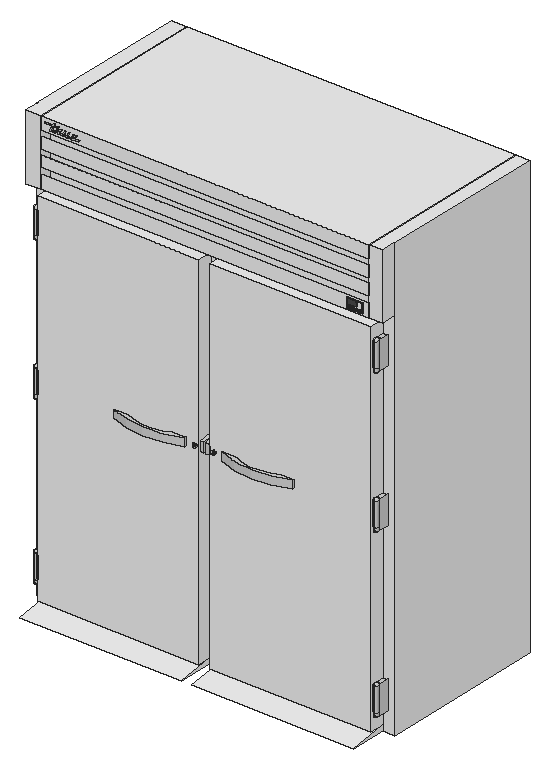
Revit family
Parameters
  Weight in Pounds = 0
  Watts = Volts * FL Amps  # 1357 W
  Volts = 115 V
  URL Cutsheet = "www.truemfg.com"
  URL = "www.truemfg.com"
  Type Mark [instance] = ""
  Type Comments = ""
  Status [instance] = ""
  Specification by User [instance] = ""
  Specification by Manufacturer = ""
  Show Logo [instance] = yes
  Show Clearance [instance] = yes
  Serial Number = ""
  Seismic Rating = ""
  SMACNA No = ""
  Revision Code [instance] = ""
  Phase = 1
  Omniclass Number and Title = ""
  Number of Poles [instance] = 1
  NAFEM Spec ID Number = ""
  Model = "STG2RRI-2S"
  Min Ckt Ampacity = 0 A
  Max Overcurrent Protection = 0 A
  Masterspec = ""
  Manufacturer = "TRUE FOOD SERVICE EQUIPMENT, INC."
  Length = 68"
  Item Number [instance] = ""
  Installed By [instance] = ""
  Identify Quantity as Lot [instance] = yes
  Height = 83 3/4"
  HP = "1/2"
  Furnished By [instance] = ""
  Foodservice Equipment Identifier [instance] = yes
  FL Amps = 11.8 A
  Electrical Remarks [instance] = ""
  Electric Connection Type [instance] = ""
  Elec Conn RI Height [instance] = 0"
  Elec Conn Connection Height [instance] = 0"
  Description = "Roll-in Solid Swing Door Refrigerator"
  Depth = 34 3/4"
  Cycle = 60 Hz
  Conn Plug = "5-15P"
  Conn Conduit = yes
  CSI MasterFormat = ""
  CSI Master Format = ""
  Apparent Power = if(Phase = 3, Volts * FL Amps * 1.73, Volts * FL Amps)  # 1357 VA
Reference planes (in)
  plane 1 "BACK": y = 0
  plane 2: z = 0
  plane 3 "LEFT": x = 0
  plane 4 "RIGHT": x = 68
  plane 5 "FRONT": y = -34.75
  plane 6 "TOP": z = 83.75
  plane 7: x = 2.84375
  plane 8: y = -34.7042
  plane 9: x = 34
  plane 10: z = 69.90625
Forms (in)
  Extrusion 1, solid, material "QF_Finishes_Chrome - Satin"
    sketch origin (0.05, 0, 0) x (1, 0, 0) y (0, 1, 0)
      loop
        line (-0.05, 0) -> (-0.05, -32) -> (2.87859, -32) -> (2.87859, 0) -> (-0.05, 0)
    from 0 to 83.75
  Extrusion 2, solid, material "QF_Finishes_Chrome - Satin"
    sketch origin (50.15, 0, 0) x (1, 0, 0) y (0, 1, 0)
      loop
        line (15.15, 0) -> (15.15, -32) -> (17.85, -32) -> (17.85, 0) -> (15.15, 0)
    from 0 to 83.75
  Extrusion 3, solid, material "QF_Finishes_Chrome - Satin"
    sketch origin (0, 0, 0) x (0, 1, 0) y (0, 0, 1)
      loop
        line (-34.7042, 71.28125) -> (-32, 71.28125) -> (-32, 0) -> (0, 0) -> (0, 83.75) -> (-34.7042, 83.75) -> (-34.7042, 81.40578) -> (-32.5, 79.83852) -> (-32.5, 78.71625) -> (-34.7042, 80.28351) -> (-34.7042, 78.1498) -> (-32.5, 76.58254) -> (-32.5, 75.62178) -> (-34.7042, 77.18904) -> (-34.7042, 75.09284) -> (-32.5, 73.52557) -> (-32.5, 72.25) -> (-34.7042, 73.81726) -> (-34.7042, 71.28125)
    from 2.92859 to 65.3
  Extrusion 4, solid, material "QF_Finishes_Chrome - Satin"
    sketch origin (0, 0, 0) x (1, 0, 0) y (0, 1, 0)
      loop
        line (67.84782, -32) -> (65.3, -32) -> (65.3, -34.75) -> (67.84782, -34.75) -> (67.84782, -32)
    from 71.28125 to 83.75
  Extrusion 5, solid, material "QF_Finishes_Chrome - Satin"
    sketch origin (-50.125, 0, 0.25) x (1, 0, 0) y (0, 1, 0)
      loop
        line (53.05359, -32) -> (50.24109, -32) -> (50.24109, -34.75) -> (53.05359, -34.75) -> (53.05359, -32)
    from 71.03125 to 83.5
  Extrusion 6, solid, material "QF_Finishes_Chrome - Satin"
    sketch origin (8.03125, -1, -0.71875) x (1, 0, 0) y (0, 0, 1)
      loop
        line (26.96875, 1.71875) -> (57.65625, 1.71875) -> (57.65625, 70.625) -> (26.96875, 70.625) -> (26.96875, 1.71875)
    from 31 to 33.75
  Extrusion 7, solid, material "QF_Finishes_Handrails and Railings"
    sketch origin (91.34375, -0.25, 26.43519) x (1, 0, 0) y (0, 1, 0)
      loop
        line (-53.875, -34.5) -> (-53.875, -34.7)
        arc (-53.875, -34.7) -> (-47.075, -36.14405) -> (-40.275, -34.7) r 16.7325
        line (-40.275, -34.7) -> (-40.275, -34.5) -> (-42.675, -34.5)
        arc (-42.675, -34.5) -> (-47.075, -35.65816) -> (-51.475, -34.5) r 8.93715
        line (-51.475, -34.5) -> (-53.875, -34.5)
    from 10.87731 to 12.37731
  Extrusion 8, solid, material "QF_Finishes_Handrails and Railings"
    sketch origin (9.34375, -1.08467, -2) x (1, 0, 0) y (0, 0, 1)
      loop
        circle (26.4375, 40.0625) r 0.35
      loop
        line (26.47265, 40.33635) -> (26.41715, 40.33635) -> (26.41715, 39.76895) -> (26.47265, 39.76895) -> (26.47265, 40.33635)
    from 33.5 to 33.83066
  Extrusion 9, solid, material "QF_Finishes_Handrails and Railings", visible <- "Show Logo"
    sketch origin (0.33478, 0.06376, 5.00294) x (1, 0, 0) y (0, 0, 1)
      loop
        line (3.46044, 78.08731) -> (3.35478, 77.86073) -> (4.76027, 77.86073)
        arc (4.76027, 77.86073) -> (4.78879, 77.81028) -> (4.76027, 77.75984) r 0.05887
        line (4.76027, 77.75984) -> (4.39369, 76.97372)
        arc (4.39369, 76.97372) -> (4.39051, 76.90091) -> (4.43975, 76.84717) r 0.09523
        line (4.43975, 76.84717) -> (5.33844, 76.84717)
        arc (5.33844, 76.84717) -> (5.45192, 76.88295) -> (5.52436, 76.97735) r 0.19785
        line (5.52436, 76.97735) -> (5.81285, 77.59601) -> (6.0779, 77.59601)
        arc (6.0779, 77.59601) -> (6.14744, 77.57043) -> (6.13737, 77.49703) r 0.05911
        line (6.13737, 77.49703) -> (5.89598, 76.97937)
        arc (5.89598, 76.97937) -> (5.89974, 76.8934) -> (5.97231, 76.84717) r 0.09318
        line (5.97231, 76.84717) -> (6.76198, 76.84717)
        arc (6.76198, 76.84717) -> (6.82249, 76.86919) -> (6.85468, 76.92495) r 0.09412
        arc (6.85468, 76.92495) -> (6.87746, 76.86995) -> (6.93246, 76.84717) r 0.07778
        line (6.93246, 76.84717) -> (7.43246, 76.84717)
        arc (7.43246, 76.84717) -> (7.49022, 76.86265) -> (7.53251, 76.90493) r 0.11552
        arc (7.53251, 76.90493) -> (7.55275, 76.85606) -> (7.60162, 76.83581) r 0.06912
        line (7.60162, 76.83581) -> (8.31225, 76.83581)
        arc (8.31225, 76.83581) -> (8.37034, 76.85988) -> (8.39441, 76.91797) r 0.08216
        arc (8.39441, 76.91797) -> (8.44767, 76.86472) -> (8.52042, 76.84522) r 0.14551
        line (8.52042, 76.84522) -> (9.85158, 76.84522) -> (9.99946, 77.10134) -> (8.65678, 77.10134)
        arc (8.65678, 77.10134) -> (8.61972, 77.12704) -> (8.61834, 77.17211) r 0.05009
        line (8.61834, 77.17211) -> (8.64157, 77.22192)
        arc (8.64157, 77.22192) -> (8.67723, 77.26864) -> (8.73327, 77.28635) r 0.09747
        line (8.73327, 77.28635) -> (9.16485, 77.28635)
        arc (9.16485, 77.28635) -> (9.258, 77.31131) -> (9.32619, 77.3795) r 0.1863
        line (9.32619, 77.3795) -> (9.45119, 77.59601)
        arc (9.45119, 77.59601) -> (9.45119, 77.71157) -> (9.35111, 77.76934) r 0.11556
        line (9.35111, 77.76934) -> (8.89562, 77.76934)
        arc (8.89562, 77.76934) -> (8.7795, 77.74962) -> (8.69849, 77.66412) r 0.18605
        line (8.69849, 77.66412) -> (8.48204, 77.19993)
        arc (8.48204, 77.19993) -> (8.41815, 77.11667) -> (8.31806, 77.08511) r 0.1745
        line (8.31806, 77.08511) -> (7.84559, 77.08511)
        arc (7.84559, 77.08511) -> (7.78903, 77.14684) -> (7.79268, 77.23048) r 0.10939
        line (7.79268, 77.23048) -> (8.04395, 77.76934) -> (7.88403, 77.76934) -> (7.61781, 77.19844)
        arc (7.61781, 77.19844) -> (7.56609, 77.13103) -> (7.48505, 77.10548) r 0.14128
        line (7.48505, 77.10548) -> (7.15925, 77.10548)
        arc (7.15925, 77.10548) -> (7.10419, 77.17723) -> (7.116, 77.26689) r 0.11816
        line (7.116, 77.26689) -> (7.3503, 77.76934) -> (7.18514, 77.76934) -> (6.91546, 77.191)
        arc (6.91546, 77.191) -> (6.85285, 77.12839) -> (6.76733, 77.10548) r 0.17104
        line (6.76733, 77.10548) -> (6.29555, 77.10548)
        arc (6.29555, 77.10548) -> (6.21082, 77.14499) -> (6.20267, 77.23813) r 0.0935
        line (6.20267, 77.23813) -> (6.35774, 77.57069) -> (6.57695, 77.57069)
        arc (6.57695, 77.57069) -> (6.61395, 77.68217) -> (6.69267, 77.76934) r 0.2857
        line (6.69267, 77.76934) -> (5.83605, 77.76934)
        arc (5.83605, 77.76934) -> (5.74086, 77.74824) -> (5.67498, 77.67635) r 0.16212
        line (5.67498, 77.67635) -> (5.44279, 77.17841)
        arc (5.44279, 77.17841) -> (5.3894, 77.12502) -> (5.31647, 77.10548) r 0.14586
        line (5.31647, 77.10548) -> (4.80506, 77.10548)
        arc (4.80506, 77.10548) -> (4.76514, 77.15942) -> (4.77274, 77.22609) r 0.09155
        line (4.77274, 77.22609) -> (5.11018, 77.86073) -> (5.96155, 77.86073) -> (6.06721, 78.08731) -> (5.21584, 78.08731) -> (5.32149, 78.31388) -> (5.01862, 78.31388) -> (4.91297, 78.08731) -> (3.46044, 78.08731)
      loop
        arc (8.83805, 77.56363) -> (8.80119, 77.55375) -> (8.7742, 77.52676) r 0.07373
        line (8.7742, 77.52676) -> (8.75229, 77.45936)
        arc (8.75229, 77.45936) -> (8.76245, 77.43483) -> (8.78699, 77.42466) r 0.0347
        line (8.78699, 77.42466) -> (9.15948, 77.42466)
        arc (9.15948, 77.42466) -> (9.18632, 77.43061) -> (9.20812, 77.44734) r 0.0635
        line (9.20812, 77.44734) -> (9.22624, 77.53122)
        arc (9.22624, 77.53122) -> (9.22091, 77.55368) -> (9.20009, 77.56363) r 0.02676
        line (9.20009, 77.56363) -> (8.83805, 77.56363)
    from 34.76797 to 34.83173
  Extrusion 10, solid, material "QF_Finishes_White"
    sketch origin (-22.74812, 0.0458, -7.95638) x (1, 0, 0) y (0, 0, 1)
      loop
        line (83.81732, 81.35727) -> (83.81732, 79.60996) -> (86.72357, 79.60996) -> (86.72357, 81.35727) -> (83.81732, 81.35727)
    from 34.75 to 34.76797
  Extrusion 11, solid, material "QF_Finishes_Black"
    sketch origin (-22.74812, 0.0458, -7.95638) x (1, 0, 0) y (0, 0, 1)
      loop
        line (86.78607, 81.41977) -> (83.75482, 81.41977) -> (83.75482, 79.54746) -> (86.78607, 79.54746) -> (86.78607, 81.41977)
      loop
        spline (83.95482, 79.87872) -> (83.96333, 79.86254) -> (83.98831, 79.84747) -> (84.02804, 79.83452) -> (84.07982, 79.82459) -> (84.14011, 79.81835) -> (84.20482, 79.81622) -> (84.26952, 79.81835) -> (84.32982, 79.82459) -> (84.38159, 79.83452) -> (84.42132, 79.84747) -> (84.4463, 79.86254) -> (84.45482, 79.87872)
        spline (84.45482, 79.87872) -> (84.4463, 79.89489) -> (84.42132, 79.90997) -> (84.38159, 79.92291) -> (84.32982, 79.93284) -> (84.26952, 79.93909) -> (84.20482, 79.94122) -> (84.14011, 79.93909) -> (84.07982, 79.93284) -> (84.02804, 79.92291) -> (83.98831, 79.90997) -> (83.96333, 79.89489) -> (83.95482, 79.87872)
      loop
        spline (84.65083, 79.87872) -> (84.65935, 79.86254) -> (84.68432, 79.84747) -> (84.72405, 79.83452) -> (84.77583, 79.82459) -> (84.83612, 79.81835) -> (84.90083, 79.81622) -> (84.96553, 79.81835) -> (85.02583, 79.82459) -> (85.07761, 79.83452) -> (85.11734, 79.84747) -> (85.14231, 79.86254) -> (85.15083, 79.87872)
        spline (85.15083, 79.87872) -> (85.14231, 79.89489) -> (85.11734, 79.90997) -> (85.07761, 79.92291) -> (85.02583, 79.93284) -> (84.96553, 79.93909) -> (84.90083, 79.94122) -> (84.83612, 79.93909) -> (84.77583, 79.93284) -> (84.72405, 79.92291) -> (84.68432, 79.90997) -> (84.65935, 79.89489) -> (84.65083, 79.87872)
      loop
        spline (85.40083, 79.87872) -> (85.40935, 79.86254) -> (85.43432, 79.84747) -> (85.47405, 79.83452) -> (85.52583, 79.82459) -> (85.58612, 79.81835) -> (85.65083, 79.81622) -> (85.71553, 79.81835) -> (85.77583, 79.82459) -> (85.82761, 79.83452) -> (85.86734, 79.84747) -> (85.89231, 79.86254) -> (85.90083, 79.87872)
        spline (85.90083, 79.87872) -> (85.89231, 79.89489) -> (85.86734, 79.90997) -> (85.82761, 79.92291) -> (85.77583, 79.93284) -> (85.71553, 79.93909) -> (85.65083, 79.94122) -> (85.58612, 79.93909) -> (85.52583, 79.93284) -> (85.47405, 79.92291) -> (85.43432, 79.90997) -> (85.40935, 79.89489) -> (85.40083, 79.87872)
      loop
        line (83.95481, 81.21978) -> (83.95481, 80.21978) -> (85.65433, 80.21978) -> (85.65433, 81.21978) -> (83.95481, 81.21978)
      loop
        line (86.72357, 81.35727) -> (83.81732, 81.35727) -> (83.81732, 79.60996) -> (86.72357, 79.60996) -> (86.72357, 81.35727)
      loop
        spline (86.15083, 79.87872) -> (86.15935, 79.86254) -> (86.18432, 79.84747) -> (86.22405, 79.83452) -> (86.27583, 79.82459) -> (86.33612, 79.81835) -> (86.40083, 79.81622) -> (86.46553, 79.81835) -> (86.52583, 79.82459) -> (86.57761, 79.83452) -> (86.61734, 79.84747) -> (86.64231, 79.86254) -> (86.65083, 79.87872)
        spline (86.65083, 79.87872) -> (86.64231, 79.89489) -> (86.61734, 79.90997) -> (86.57761, 79.92291) -> (86.52583, 79.93284) -> (86.46553, 79.93909) -> (86.40083, 79.94122) -> (86.33612, 79.93909) -> (86.27583, 79.93284) -> (86.22405, 79.92291) -> (86.18432, 79.90997) -> (86.15935, 79.89489) -> (86.15083, 79.87872)
    from 34.76797 to 34.80335
  Extrusion 12, solid
    sketch origin (-25.125, 0, 0) x (1, 0, 0) y (0, 0, 1)
      loop
        circle (89.875, 81.625) r 0.25
    from 0 to 0.0625
  Blend 13, solid, material "QF_Finishes_Handrails and Railings"
    base sketch origin (60.25, -1, 0) x (-1, 0, 0) y (0, 0, -1)
      loop
        line (25.25, -38.99169) -> (26, -38.99169) -> (26, -37.24169) -> (25.25, -37.24169) -> (25.25, -38.99169)
    top sketch origin (60.25, 0, 0) x (-1, 0, 0) y (0, 0, -1)
      loop
        line (26.18223, -36.6441) -> (25.25, -36.6441) -> (25.25, -39.42643) -> (26.18223, -39.42643) -> (26.18223, -36.6441)
    from 33.57883 to 32
  Extrusion 14, solid, material "QF_Finishes_Handrails and Railings"
    sketch origin (66.78125, 0, 3.5) x (0, 1, 0) y (0, 0, -1)
      loop
        line (-32, -64.17729) -> (-32, -58.86127) -> (-34.25, -58.86127) -> (-34.25, -59.57348) -> (-33.81497, -59.57348) -> (-33.81497, -63.97276)
        arc (-33.81497, -63.97276) -> (-33.75506, -64.11738) -> (-33.61044, -64.17729) r 0.20453
        line (-33.61044, -64.17729) -> (-32, -64.17729)
    from 0.17506 to 1
  Revolve 15, solid, material "QF_Finishes_Handrails and Railings"
    sketch origin (66.28125, 0, 3.5) x (0, 1, 0) y (0, 0, -1)
      loop
        line (-34.26563, -59.62689) -> (-34.67229, -59.62689) -> (-34.67229, -64.0986)
        arc (-34.67229, -64.0986) -> (-34.53722, -64.35057) -> (-34.26563, -64.43983) r 0.3848
        line (-34.26563, -64.43983) -> (-34.26563, -59.62689)
      loop
        line (-34.26563, -59.57348) -> (-34.26563, -58.67281)
        arc (-34.26563, -58.67281) -> (-34.53264, -58.75883) -> (-34.67229, -59.00212) r 0.38884
        line (-34.67229, -59.00212) -> (-34.67229, -59.57348) -> (-34.26563, -59.57348)
      axis (-34.26563, -58.67281) -> (-34.26563, -64.43983)
    angle from 0 to 360
  Extrusion 16, solid, material "QF_Finishes_Handrails and Railings"
    sketch origin (27.5, -1.07734, 3.5011) x (-1, 0, 0) y (0, 0, -1)
      loop
        line (-38.58509, -64.0986) -> (-38.1875, -64.0986) -> (-38.1875, -59.62579) -> (-38.58509, -59.62579) -> (-38.58509, -64.0986)
    from 32.81497 to 33.59495
  Extrusion 17, solid, material "QF_Finishes_Handrails and Railings"
    sketch origin (66.78125, 0, -24) x (0, 1, 0) y (0, 0, -1)
      loop
        line (-32, -64.55229) -> (-32, -59.23627) -> (-34.25, -59.23627) -> (-34.25, -59.94848) -> (-33.81497, -59.94848) -> (-33.81497, -64.34776)
        arc (-33.81497, -64.34776) -> (-33.75506, -64.49238) -> (-33.61044, -64.55229) r 0.20453
        line (-33.61044, -64.55229) -> (-32, -64.55229)
    from 0.17506 to 1
  Revolve 18, solid, material "QF_Finishes_Handrails and Railings"
    sketch origin (66.28125, 0, -24) x (0, 1, 0) y (0, 0, -1)
      loop
        line (-34.26563, -60.00189) -> (-34.67229, -60.00189) -> (-34.67229, -64.4736)
        arc (-34.67229, -64.4736) -> (-34.53722, -64.72557) -> (-34.26563, -64.81483) r 0.3848
        line (-34.26563, -64.81483) -> (-34.26563, -60.00189)
      loop
        line (-34.26563, -59.94848) -> (-34.26563, -59.04781)
        arc (-34.26563, -59.04781) -> (-34.53264, -59.13383) -> (-34.67229, -59.37712) r 0.38884
        line (-34.67229, -59.37712) -> (-34.67229, -59.94848) -> (-34.26563, -59.94848)
      axis (-34.26563, -59.04781) -> (-34.26563, -64.81483)
    angle from 0 to 360
  Extrusion 19, solid, material "QF_Finishes_Handrails and Railings"
    sketch origin (27.5, -1.07734, -23.9989) x (-1, 0, 0) y (0, 0, -1)
      loop
        line (-38.58509, -64.4736) -> (-38.1875, -64.4736) -> (-38.1875, -60.00079) -> (-38.58509, -60.00079) -> (-38.58509, -64.4736)
    from 32.81497 to 33.59495
  Extrusion 20, solid, material "QF_Finishes_Handrails and Railings"
    sketch origin (66.78125, 0, -55.5) x (0, 1, 0) y (0, 0, -1)
      loop
        line (-32, -64.55229) -> (-32, -59.23627) -> (-34.25, -59.23627) -> (-34.25, -59.94848) -> (-33.81497, -59.94848) -> (-33.81497, -64.34776)
        arc (-33.81497, -64.34776) -> (-33.75506, -64.49238) -> (-33.61044, -64.55229) r 0.20453
        line (-33.61044, -64.55229) -> (-32, -64.55229)
    from 0.17506 to 1
  Revolve 21, solid, material "QF_Finishes_Handrails and Railings"
    sketch origin (66.28125, 0, -55.5) x (0, 1, 0) y (0, 0, -1)
      loop
        line (-34.26563, -60.00189) -> (-34.67229, -60.00189) -> (-34.67229, -64.4736)
        arc (-34.67229, -64.4736) -> (-34.53722, -64.72557) -> (-34.26563, -64.81483) r 0.3848
        line (-34.26563, -64.81483) -> (-34.26563, -60.00189)
      loop
        line (-34.26563, -59.94848) -> (-34.26563, -59.04781)
        arc (-34.26563, -59.04781) -> (-34.53264, -59.13383) -> (-34.67229, -59.37712) r 0.38884
        line (-34.67229, -59.37712) -> (-34.67229, -59.94848) -> (-34.26563, -59.94848)
      axis (-34.26563, -59.04781) -> (-34.26563, -64.81483)
    angle from 0 to 360
  Extrusion 22, solid, material "QF_Finishes_Handrails and Railings"
    sketch origin (27.5, -1.07734, -55.4989) x (-1, 0, 0) y (0, 0, -1)
      loop
        line (-38.58509, -64.4736) -> (-38.1875, -64.4736) -> (-38.1875, -60.00079) -> (-38.58509, -60.00079) -> (-38.58509, -64.4736)
    from 32.81497 to 33.59495
  Extrusion 23, solid, material "QF_Finishes_Chrome - Satin"
    sketch origin (65.6875, -1, 8.03125) x (0, 0, 1) y (0, -1, 0)
      loop
        line (-8.03125, 37.875) -> (-8.03125, 31) -> (-7.03125, 31) -> (-8.03125, 37.875)
    from 0 to -30.6875
  Extrusion 24, solid, material "QF_Finishes_Chrome - Satin"
    sketch origin (59.96875, -1, -0.71875) x (-1, 0, 0) y (0, 0, -1)
      loop
        line (26.96875, -1.71875) -> (26.96875, -70.625) -> (57.65625, -70.625) -> (57.65625, -1.71875) -> (26.96875, -1.71875)
    from 31 to 33.75
  Extrusion 25, solid, material "QF_Finishes_Handrails and Railings"
    sketch origin (-23.34375, -0.25, 26.43519) x (1, 0, 0) y (0, 1, 0)
      loop
        line (53.875, -34.5) -> (51.475, -34.5)
        arc (51.475, -34.5) -> (47.075, -35.65816) -> (42.675, -34.5) r 8.93715
        line (42.675, -34.5) -> (40.275, -34.5) -> (40.275, -34.7)
        arc (40.275, -34.7) -> (47.075, -36.14405) -> (53.875, -34.7) r 16.7325
        line (53.875, -34.7) -> (53.875, -34.5)
    from 10.87731 to 12.37731
  Extrusion 26, solid, material "QF_Finishes_Handrails and Railings"
    sketch origin (58.65625, -1.08467, -2) x (-1, 0, 0) y (0, 0, -1)
      loop
        circle (26.4375, -40.0625) r 0.35
      loop
        line (26.47265, -40.33635) -> (26.47265, -39.76895) -> (26.41715, -39.76895) -> (26.41715, -40.33635) -> (26.47265, -40.33635)
    from 33.5 to 33.83066
  Blend 27, solid, material "QF_Finishes_Handrails and Railings"
    base sketch origin (7.75, -1, 0) x (1, 0, 0) y (0, 0, 1)
      loop
        line (25.25, 38.99169) -> (25.25, 37.24169) -> (26, 37.24169) -> (26, 38.99169) -> (25.25, 38.99169)
    top sketch origin (7.75, 0, 0) x (1, 0, 0) y (0, 0, 1)
      loop
        line (26.18223, 36.6441) -> (26.18223, 39.42643) -> (25.25, 39.42643) -> (25.25, 36.6441) -> (26.18223, 36.6441)
    from 33.57883 to 32
  Extrusion 28, solid, material "QF_Finishes_Handrails and Railings"
    sketch origin (1.21875, 0, 3.5) x (0, 1, 0) y (0, 0, 1)
      loop
        line (-32, 64.17729) -> (-33.61044, 64.17729)
        arc (-33.61044, 64.17729) -> (-33.75506, 64.11738) -> (-33.81497, 63.97276) r 0.20453
        line (-33.81497, 63.97276) -> (-33.81497, 59.57348) -> (-34.25, 59.57348) -> (-34.25, 58.86127) -> (-32, 58.86127) -> (-32, 64.17729)
    from 0.17506 to 1
  Revolve 29, solid, material "QF_Finishes_Handrails and Railings"
    sketch origin (1.71875, 0, 3.5) x (0, 1, 0) y (0, 0, 1)
      loop
        line (-34.26563, 59.62689) -> (-34.26563, 64.43983)
        arc (-34.26563, 64.43983) -> (-34.53722, 64.35057) -> (-34.67229, 64.0986) r 0.3848
        line (-34.67229, 64.0986) -> (-34.67229, 59.62689) -> (-34.26563, 59.62689)
      loop
        line (-34.26563, 59.57348) -> (-34.67229, 59.57348) -> (-34.67229, 59.00212)
        arc (-34.67229, 59.00212) -> (-34.53264, 58.75883) -> (-34.26563, 58.67281) r 0.38884
        line (-34.26563, 58.67281) -> (-34.26563, 59.57348)
      axis (-34.26563, 58.67281) -> (-34.26563, 64.43983)
    angle from 0 to 360
  Extrusion 30, solid, material "QF_Finishes_Handrails and Railings"
    sketch origin (40.5, -1.07734, 3.5011) x (1, 0, 0) y (0, 0, 1)
      loop
        line (-38.58509, 64.0986) -> (-38.58509, 59.62579) -> (-38.1875, 59.62579) -> (-38.1875, 64.0986) -> (-38.58509, 64.0986)
    from 32.81497 to 33.59495
  Extrusion 31, solid, material "QF_Finishes_Handrails and Railings"
    sketch origin (1.21875, 0, -24) x (0, 1, 0) y (0, 0, 1)
      loop
        line (-32, 64.55229) -> (-33.61044, 64.55229)
        arc (-33.61044, 64.55229) -> (-33.75506, 64.49238) -> (-33.81497, 64.34776) r 0.20453
        line (-33.81497, 64.34776) -> (-33.81497, 59.94848) -> (-34.25, 59.94848) -> (-34.25, 59.23627) -> (-32, 59.23627) -> (-32, 64.55229)
    from 0.17506 to 1
  Revolve 32, solid, material "QF_Finishes_Handrails and Railings"
    sketch origin (1.71875, 0, -24) x (0, 1, 0) y (0, 0, 1)
      loop
        line (-34.26563, 60.00189) -> (-34.26563, 64.81483)
        arc (-34.26563, 64.81483) -> (-34.53722, 64.72557) -> (-34.67229, 64.4736) r 0.3848
        line (-34.67229, 64.4736) -> (-34.67229, 60.00189) -> (-34.26563, 60.00189)
      loop
        line (-34.26563, 59.94848) -> (-34.67229, 59.94848) -> (-34.67229, 59.37712)
        arc (-34.67229, 59.37712) -> (-34.53264, 59.13383) -> (-34.26563, 59.04781) r 0.38884
        line (-34.26563, 59.04781) -> (-34.26563, 59.94848)
      axis (-34.26563, 59.04781) -> (-34.26563, 64.81483)
    angle from 0 to 360
  Extrusion 33, solid, material "QF_Finishes_Handrails and Railings"
    sketch origin (40.5, -1.07734, -23.9989) x (1, 0, 0) y (0, 0, 1)
      loop
        line (-38.58509, 64.4736) -> (-38.58509, 60.00079) -> (-38.1875, 60.00079) -> (-38.1875, 64.4736) -> (-38.58509, 64.4736)
    from 32.81497 to 33.59495
  Extrusion 34, solid, material "QF_Finishes_Handrails and Railings"
    sketch origin (1.21875, 0, -55.5) x (0, 1, 0) y (0, 0, 1)
      loop
        line (-32, 64.55229) -> (-33.61044, 64.55229)
        arc (-33.61044, 64.55229) -> (-33.75506, 64.49238) -> (-33.81497, 64.34776) r 0.20453
        line (-33.81497, 64.34776) -> (-33.81497, 59.94848) -> (-34.25, 59.94848) -> (-34.25, 59.23627) -> (-32, 59.23627) -> (-32, 64.55229)
    from 0.17506 to 1
  Revolve 35, solid, material "QF_Finishes_Handrails and Railings"
    sketch origin (1.71875, 0, -55.5) x (0, 1, 0) y (0, 0, 1)
      loop
        line (-34.26563, 60.00189) -> (-34.26563, 64.81483)
        arc (-34.26563, 64.81483) -> (-34.53722, 64.72557) -> (-34.67229, 64.4736) r 0.3848
        line (-34.67229, 64.4736) -> (-34.67229, 60.00189) -> (-34.26563, 60.00189)
      loop
        line (-34.26563, 59.94848) -> (-34.67229, 59.94848) -> (-34.67229, 59.37712)
        arc (-34.67229, 59.37712) -> (-34.53264, 59.13383) -> (-34.26563, 59.04781) r 0.38884
        line (-34.26563, 59.04781) -> (-34.26563, 59.94848)
      axis (-34.26563, 59.04781) -> (-34.26563, 64.81483)
    angle from 0 to 360
  Extrusion 36, solid, material "QF_Finishes_Handrails and Railings"
    sketch origin (40.5, -1.07734, -55.4989) x (1, 0, 0) y (0, 0, 1)
      loop
        line (-38.58509, 64.4736) -> (-38.58509, 60.00079) -> (-38.1875, 60.00079) -> (-38.1875, 64.4736) -> (-38.58509, 64.4736)
    from 32.81497 to 33.59495
  Extrusion 37, solid, material "QF_Finishes_Chrome - Satin"
    sketch origin (2.3125, -1, 8.03125) x (0, 0, 1) y (0, 1, 0)
      loop
        line (-8.03125, -37.875) -> (-7.03125, -31) -> (-8.03125, -31) -> (-8.03125, -37.875)
    from 0 to -30.6875
  Extrusion 38, solid, material "QF_Finishes_Door Clearance", visible <- "Show Clearance", detail levels coarse
    sketch origin (32.71875, -1, 1) x (0, 1, 0) y (1, 0, 0)
      loop
        line (-33.75, -30.40625) -> (-33.75, 0.28125)
        arc (-33.75, 0.28125) -> (-55.44934, -8.70691) -> (-64.4375, -30.40625) r 30.6875
        line (-64.4375, -30.40625) -> (-33.75, -30.40625)
      loop
        line (-33.75, 32.96875) -> (-64.4375, 32.96875)
        arc (-64.4375, 32.96875) -> (-55.44934, 11.26941) -> (-33.75, 2.28125) r 30.6875
        line (-33.75, 2.28125) -> (-33.75, 32.96875)
    from 0 to -68.90625
Cuts and joins
  joined: Extrusion 1, Extrusion 2, Extrusion 4, Extrusion 5
Lines and regions (in)
  symbolic lines
    curve 1: line (0, 0, 0) -> (68, 0, 0)
    curve 2: line (0, -34.75, 0) -> (0, 0, 0)
    curve 3: line (68, -34.75, 0) -> (0, -34.75, 0)
    curve 4: line (68, 0, 0) -> (68, -34.75, 0)
    curve 5: line (68, -32.5, 0) -> (0, -32.5, 0)
    curve 6: arc (28.13125, -34.75, 0) -> (23.73125, -35.90816, 0) -> (19.33125, -34.75, 0) r 8.93715
    curve 7: arc (16.93125, -34.95, 0) -> (23.73125, -36.39405, 0) -> (30.53125, -34.95, 0) r 16.7325
    curve 8: line (16.93125, -34.75, 0) -> (16.93125, -34.95, 0)
    curve 9: line (30.53125, -34.95, 0) -> (30.53125, -34.75, 0)
    curve 10: arc (48.66875, -34.75, 0) -> (44.26875, -35.90816, 0) -> (39.86875, -34.75, 0) r 8.93715
    curve 11: arc (37.46875, -34.95, 0) -> (44.26875, -36.39405, 0) -> (51.06875, -34.95, 0) r 16.7325
    curve 12: line (37.46875, -34.75, 0) -> (37.46875, -34.95, 0)
    curve 13: line (51.06875, -34.95, 0) -> (51.06875, -34.75, 0)
  symbolic lines, style "QF_Door Swings", visible <- "Show Clearance", detail levels coarse
    curve 14: line (2.3125, -34.75, 0) -> (2.3125, -65.4375, 0)
    curve 15: arc (33, -34.75, 0) -> (24.01184, -56.44934, 0) -> (2.3125, -65.4375, 0) r 30.6875
    curve 16: arc (65.6875, -65.4375, 0) -> (43.98816, -56.44934, 0) -> (35, -34.75, 0) r 30.6875
    curve 17: line (65.6875, -65.4375, 0) -> (65.6875, -34.75, 0)
Dimensions and locks (in)
  "Depth": plane 5 "FRONT" to plane 1 "BACK"
  plane 6 "TOP" to level = 83 3/4"  (x2)
  Extrusion 6 sketch curve to Extrusion 6 sketch curve = 30 11/16"
  Extrusion 6 to plane 1 "BACK" = 34 3/4"
  "Length": plane 3 "LEFT" to plane 4 "RIGHT"
  plane 4 "RIGHT" to plane 3 "LEFT" = 68"
  equal spacing: plane 3 "LEFT", plane 9, plane 4 "RIGHT"
  Extrusion 24 sketch curve to Extrusion 24 sketch curve = 30 11/16"
  plane 10 to level = 69 29/32"
  aligned and locked: level to plane 2
Automatic sketch dimensions
  plane 1 "BACK" to curve 1 = 0"
  curve 1 to plane 3 "LEFT" = 0"
  plane 5 "FRONT" to curve 8 = 0"
  curve 4 to plane 4 "RIGHT" = 0"
  plane 5 "FRONT" to curve 7 = 0.2"
  plane 7 to curve 7 = 14.0875"
  curve 8 to curve 6 = 2.4"
  curve 6 to curve 6 = 4.4"
  curve 7 to curve 6 = 0"
  plane 5 "FRONT" to curve 9 = 0.2"
  plane 5 "FRONT" to curve 12 = 0.2"
  curve 12 to plane 9 = 3 15/32"
  curve 12 to curve 10 = 2.4"
  curve 10 to curve 10 = 4.4"
  curve 11 to curve 10 = 0"
  plane 5 "FRONT" to curve 11 = 0.2"
  curve 5 to plane 5 "FRONT" = 2 1/4"
  curve 10 to plane 5 "FRONT" = 7.77899"
  curve 6 to plane 5 "FRONT" = 7.77899"
  curve 10 to curve 11 = 7.30945"
  curve 6 to curve 7 = 7.30945"
  Extrusion 1 sketch curve to plane 3 "LEFT" = 0"
  plane 1 "BACK" to Extrusion 1 sketch curve = 0"
  plane 7 to Extrusion 1 sketch curve = 0.08484"
  Extrusion 1 sketch curve to plane 5 "FRONT" = 2 3/4"
  plane 1 "BACK" to Extrusion 2 sketch curve = 0"
  Extrusion 2 sketch curve to plane 4 "RIGHT" = 0"
  Extrusion 2 sketch curve to plane 4 "RIGHT" = 2.7"
  Extrusion 2 sketch curve to plane 5 "FRONT" = 2 3/4"
  Extrusion 3 sketch curve to plane 8 = 0"  (x4)
  Extrusion 3 sketch curve to level = 0"
  Extrusion 3 sketch curve to plane 6 "TOP" = 0"
  plane 8 to Extrusion 3 sketch curve = 2.2042"  (x2)
  Extrusion 3 sketch curve to Extrusion 3 sketch curve = 0"
  Extrusion 3 sketch curve to Extrusion 3 sketch curve = 1/2"
  plane 1 "BACK" to Extrusion 3 sketch curve = 0"
  Extrusion 3 sketch curve to plane 6 "TOP" = 12 15/32"
  Extrusion 3 sketch curve to Extrusion 3 sketch curve = 31/32"
  Extrusion 3 sketch curve to Extrusion 3 sketch curve = 1.27557"  (x2)
  Extrusion 3 sketch curve to Extrusion 3 sketch curve = 0.29169"
  Extrusion 3 sketch curve to Extrusion 3 sketch curve = 2.0962"  (x2)
  Extrusion 3 sketch curve to Extrusion 3 sketch curve = 0.96076"  (x2)
  Extrusion 3 sketch curve to Extrusion 3 sketch curve = 2.13371"  (x2)
  Extrusion 3 sketch curve to Extrusion 3 sketch curve = 1.12227"  (x2)
  plane 5 "FRONT" to Extrusion 4 sketch curve = 0"
  Extrusion 4 sketch curve to plane 4 "RIGHT" = 2.7"
  Extrusion 4 sketch curve to plane 4 "RIGHT" = 0.15218"
  Extrusion 4 sketch curve to plane 5 "FRONT" = 2 3/4"
  plane 5 "FRONT" to Extrusion 5 sketch curve = 0"
  plane 3 "LEFT" to Extrusion 5 sketch curve = 0.11609"
  plane 7 to Extrusion 5 sketch curve = 0.08484"
  Extrusion 5 sketch curve to plane 5 "FRONT" = 2 3/4"
  Extrusion 6 sketch curve to plane 9 = 1"
  level to Extrusion 6 sketch curve = 1"
  Extrusion 6 sketch curve to plane 6 "TOP" = 13 27/32"
  plane 5 "FRONT" to Extrusion 7 sketch curve = 0"  (x2)
  Extrusion 7 sketch curve to plane 9 = 3 15/32"
  Extrusion 7 sketch curve to Extrusion 7 sketch curve = 2.4"  (x2)
  Extrusion 7 sketch curve to Extrusion 7 sketch curve = 4.4"
  Extrusion 7 sketch curve to Extrusion 7 sketch curve = 0"
  Extrusion 7 sketch curve to Extrusion 7 sketch curve = 0.2"
  Extrusion 7 sketch curve to plane 5 "FRONT" = 7.77899"
  Extrusion 7 sketch curve to Extrusion 7 sketch curve = 7.30945"
  Extrusion 8 sketch curve to plane 9 = 1.7609"
  Extrusion 8 sketch curve to Extrusion 8 sketch curve = 0.02035"
  Extrusion 8 sketch curve to Extrusion 8 sketch curve = 0.0555"
  level to Extrusion 8 sketch curve = 37.76895"
  Extrusion 8 sketch curve to Extrusion 8 sketch curve = 0.29355"
  Extrusion 8 sketch curve to Extrusion 8 sketch curve = 0.27385"
  plane 7 to Extrusion 9 sketch curve = 0.84582"
  Extrusion 9 sketch curve to Extrusion 9 sketch curve = 0.10565"  (x5)
  Extrusion 9 sketch curve to Extrusion 9 sketch curve = 1.03891"
  Extrusion 9 sketch curve to Extrusion 9 sketch curve = 0.04606"
  Extrusion 9 sketch curve to Extrusion 9 sketch curve = 0.08631"
  Extrusion 9 sketch curve to Extrusion 9 sketch curve = 0.33624"
  Extrusion 9 sketch curve to Extrusion 9 sketch curve = 0.03034"  (x2)
  Extrusion 9 sketch curve to Extrusion 9 sketch curve = 0.29274"
  Extrusion 9 sketch curve to Extrusion 9 sketch curve = 0.03232"
  Extrusion 9 sketch curve to Extrusion 9 sketch curve = 0.04851"
  Extrusion 9 sketch curve to plane 6 "TOP" = 0.65975"
  Extrusion 9 sketch curve to Extrusion 9 sketch curve = 0.1527"
  Extrusion 9 sketch curve to plane 6 "TOP" = 0.43317"
  Extrusion 9 sketch curve to Extrusion 9 sketch curve = 0.19721"
  Extrusion 9 sketch curve to Extrusion 9 sketch curve = 0.4629"
  Extrusion 9 sketch curve to Extrusion 9 sketch curve = 0.02197"
  Extrusion 9 sketch curve to Extrusion 9 sketch curve = 0.12632"
  Extrusion 9 sketch curve to Extrusion 9 sketch curve = 0.18591"
  Extrusion 9 sketch curve to plane 6 "TOP" = 1.0707"
  Extrusion 9 sketch curve to Extrusion 9 sketch curve = 0.2322"
  Extrusion 9 sketch curve to Extrusion 9 sketch curve = 0.13786"
  Extrusion 9 sketch curve to Extrusion 9 sketch curve = 0.00907"
  Extrusion 9 sketch curve to Extrusion 9 sketch curve = 0.01413"
  Extrusion 9 sketch curve to Extrusion 9 sketch curve = 0.37162"
  Extrusion 9 sketch curve to plane 6 "TOP" = 0.88633"
  Extrusion 9 sketch curve to Extrusion 9 sketch curve = 0.12551"
  Extrusion 9 sketch curve to Extrusion 9 sketch curve = 0.07633"
  Extrusion 9 sketch curve to Extrusion 9 sketch curve = 0.08445"
  Extrusion 9 sketch curve to Extrusion 9 sketch curve = 0.25598"
  Extrusion 9 sketch curve to Extrusion 9 sketch curve = 0.01887"
  Extrusion 9 sketch curve to Extrusion 9 sketch curve = 0.04061"
  Extrusion 9 sketch curve to plane 6 "TOP" = 1.50892"
  Extrusion 9 sketch curve to Extrusion 9 sketch curve = 0.0653"
  Extrusion 9 sketch curve to Extrusion 9 sketch curve = 0.08474"
  Extrusion 9 sketch curve to Extrusion 9 sketch curve = 0.00815"
  Extrusion 9 sketch curve to Extrusion 9 sketch curve = 0.22037"
  Extrusion 9 sketch curve to Extrusion 9 sketch curve = 0.21921"
  Extrusion 9 sketch curve to Extrusion 9 sketch curve = 0.11572"
  Extrusion 9 sketch curve to Extrusion 9 sketch curve = 0.46643"
  Extrusion 9 sketch curve to Extrusion 9 sketch curve = 0.00535"
  Extrusion 9 sketch curve to Extrusion 9 sketch curve = 0.09269"
  Extrusion 9 sketch curve to Extrusion 9 sketch curve = 0.09348"
  Extrusion 9 sketch curve to Extrusion 9 sketch curve = 0.14812"
  Extrusion 9 sketch curve to Extrusion 9 sketch curve = 0.07778"
  Extrusion 9 sketch curve to Extrusion 9 sketch curve = 0.20054"
  Extrusion 9 sketch curve to Extrusion 9 sketch curve = 0.04325"
  Extrusion 9 sketch curve to plane 6 "TOP" = 0.97771"  (x2)
  Extrusion 9 sketch curve to Extrusion 9 sketch curve = 0.32433"
  Extrusion 9 sketch curve to Extrusion 9 sketch curve = 0.10233"  (x2)
  Extrusion 9 sketch curve to Extrusion 9 sketch curve = 0.16515"
  Extrusion 9 sketch curve to Extrusion 9 sketch curve = 0.27321"
  Extrusion 9 sketch curve to Extrusion 9 sketch curve = 0.0526"
  Extrusion 9 sketch curve to Extrusion 9 sketch curve = 0.10005"
  Extrusion 9 sketch curve to Extrusion 9 sketch curve = 0.06912"
  Extrusion 9 sketch curve to Extrusion 9 sketch curve = 0.13276"
  Extrusion 9 sketch curve to plane 6 "TOP" = 1.51658"
  Extrusion 9 sketch curve to Extrusion 9 sketch curve = 0.17486"
  Extrusion 9 sketch curve to Extrusion 9 sketch curve = 0.05291"
  Extrusion 9 sketch curve to Extrusion 9 sketch curve = 0.53374"
  Extrusion 9 sketch curve to Extrusion 9 sketch curve = 0.09914"
  Extrusion 9 sketch curve to Extrusion 9 sketch curve = 0.15992"
  Extrusion 9 sketch curve to Extrusion 9 sketch curve = 0.46666"
  Extrusion 9 sketch curve to Extrusion 9 sketch curve = 0.00582"
  Extrusion 9 sketch curve to Extrusion 9 sketch curve = 0.08216"
  Extrusion 9 sketch curve to Extrusion 9 sketch curve = 0.16397"
  Extrusion 9 sketch curve to Extrusion 9 sketch curve = 0.12601"
  Extrusion 9 sketch curve to plane 6 "TOP" = 1.57494"
  Extrusion 9 sketch curve to Extrusion 9 sketch curve = 0.1363"
  Extrusion 9 sketch curve to plane 6 "TOP" = 1.52514"
  Extrusion 9 sketch curve to Extrusion 9 sketch curve = 0.02323"
  Extrusion 9 sketch curve to Extrusion 9 sketch curve = 0.03844"
  Extrusion 9 sketch curve to Extrusion 9 sketch curve = 0.0454"
  Extrusion 9 sketch curve to Extrusion 9 sketch curve = 0.05693"
  Extrusion 9 sketch curve to Extrusion 9 sketch curve = 0.0917"
  Extrusion 9 sketch curve to Extrusion 9 sketch curve = 0.01902"
  Extrusion 9 sketch curve to Extrusion 9 sketch curve = 0.02191"
  Extrusion 9 sketch curve to Extrusion 9 sketch curve = 0.0347"
  Extrusion 9 sketch curve to Extrusion 9 sketch curve = 0.06385"
  Extrusion 9 sketch curve to Extrusion 9 sketch curve = 0.02906"
  Extrusion 9 sketch curve to Extrusion 9 sketch curve = 0.02851"
  Extrusion 9 sketch curve to Extrusion 9 sketch curve = 0.29237"
  Extrusion 9 sketch curve to Extrusion 9 sketch curve = 0.00537"
  Extrusion 9 sketch curve to Extrusion 9 sketch curve = 0.0406"
  Extrusion 9 sketch curve to plane 6 "TOP" = 1.29971"
  Extrusion 9 sketch curve to Extrusion 9 sketch curve = 0.04327"
  Extrusion 9 sketch curve to Extrusion 9 sketch curve = 0.02615"
  Extrusion 9 sketch curve to plane 6 "TOP" = 1.36755"
  Extrusion 9 sketch curve to Extrusion 9 sketch curve = 0.11806"
  Extrusion 9 sketch curve to Extrusion 9 sketch curve = 0.15103"
  Extrusion 9 sketch curve to Extrusion 9 sketch curve = 0.10007"
  Extrusion 9 sketch curve to Extrusion 9 sketch curve = 0.5254"
  Extrusion 9 sketch curve to plane 6 "TOP" = 1.64572"
  Extrusion 9 sketch curve to Extrusion 9 sketch curve = 0.14787"
  Extrusion 9 sketch curve to Extrusion 9 sketch curve = 0.14537"
  Extrusion 9 sketch curve to Extrusion 9 sketch curve = 0.63134"
  Extrusion 9 sketch curve to Extrusion 9 sketch curve = 0.11061"
  Extrusion 9 sketch curve to Extrusion 9 sketch curve = 0.25876"
  Extrusion 9 sketch curve to Extrusion 9 sketch curve = 0.06767"
  Extrusion 9 sketch curve to Extrusion 9 sketch curve = 0.12655"
  Extrusion 9 sketch curve to Extrusion 9 sketch curve = 0.12242"
  Extrusion 9 sketch curve to Extrusion 9 sketch curve = 0.29684"
  Extrusion 9 sketch curve to Extrusion 9 sketch curve = 0.03938"
  Extrusion 9 sketch curve to Extrusion 9 sketch curve = 0.06046"
  Extrusion 9 sketch curve to Extrusion 9 sketch curve = 0.13266"
  Extrusion 9 sketch curve to Extrusion 9 sketch curve = 0.14279"
  Extrusion 9 sketch curve to Extrusion 9 sketch curve = 0.07293"
  Extrusion 9 sketch curve to Extrusion 9 sketch curve = 0.07764"
  Extrusion 9 sketch curve to Extrusion 9 sketch curve = 0.03794"
  Extrusion 9 sketch curve to Extrusion 9 sketch curve = 0.08552"
  Extrusion 9 sketch curve to Extrusion 9 sketch curve = 0.09296"
  Extrusion 9 sketch curve to Extrusion 9 sketch curve = 0.02781"
  Extrusion 9 sketch curve to Extrusion 9 sketch curve = 0.04799"
  Extrusion 9 sketch curve to Extrusion 9 sketch curve = 0.03054"
  Extrusion 9 sketch curve to Extrusion 9 sketch curve = 0.2589"
  Extrusion 9 sketch curve to Extrusion 9 sketch curve = 0.0674"
  Extrusion 9 sketch curve to Extrusion 9 sketch curve = 0.0324"
  Extrusion 9 sketch curve to Extrusion 9 sketch curve = 0.26185"
  Extrusion 9 sketch curve to Extrusion 9 sketch curve = 11/256"
  Extrusion 9 sketch curve to Extrusion 9 sketch curve = 0.07366"
  Extrusion 9 sketch curve to Extrusion 9 sketch curve = 0.02187"
  Extrusion 9 sketch curve to Extrusion 9 sketch curve = 0.06479"
  Extrusion 9 sketch curve to Extrusion 9 sketch curve = 0.05778"
  Extrusion 9 sketch curve to Extrusion 9 sketch curve = 0.32747"
  Extrusion 9 sketch curve to Extrusion 9 sketch curve = 0.05045"
  Extrusion 9 sketch curve to Extrusion 9 sketch curve = 29/128"
  Extrusion 10 sketch curve to plane 4 "RIGHT" = 6.9308"
  Extrusion 10 sketch curve to Extrusion 10 sketch curve = 2 29/32"
  Extrusion 10 sketch curve to plane 6 "TOP" = 12.09642"
  Extrusion 10 sketch curve to Extrusion 10 sketch curve = 1.74732"
  Extrusion 11 sketch curve to plane 4 "RIGHT" = 6.9933"
  Extrusion 11 sketch curve to Extrusion 11 sketch curve = 1/16"  (x4)
  Extrusion 11 sketch curve to Extrusion 11 sketch curve = 0.1375"  (x3)
  Extrusion 11 sketch curve to Extrusion 11 sketch curve = 1/4"  (x4)
  Extrusion 11 sketch curve to Extrusion 11 sketch curve = 0.44601"
  Extrusion 11 sketch curve to Extrusion 11 sketch curve = 1/2"  (x2)
  Extrusion 11 sketch curve to Extrusion 11 sketch curve = 0.0035"
  Extrusion 11 sketch curve to Extrusion 11 sketch curve = 1.06923"
  Extrusion 11 sketch curve to plane 6 "TOP" = 12.15892"
  Extrusion 11 sketch curve to Extrusion 11 sketch curve = 0.26876"  (x2)
  Extrusion 11 sketch curve to Extrusion 11 sketch curve = 0"  (x2)
  Extrusion 11 sketch curve to Extrusion 11 sketch curve = 0.34106"
  Extrusion 11 sketch curve to Extrusion 11 sketch curve = 1"
  Extrusion 12 sketch curve to plane 4 "RIGHT" = 3 1/4"
  Extrusion 12 sketch curve to plane 6 "TOP" = 2 1/8"
  Blend 13 sketch curve to plane 9 = 1"
  Blend 13 sketch curve to plane 9 = 1/4"
  level to Blend 13 sketch curve = 38.99169"
  Blend 13 sketch curve to Blend 13 sketch curve = 1 3/4"
  plane 9 to Blend 13 sketch curve = 1"
  plane 9 to Blend 13 sketch curve = 0.06777"
  Blend 13 sketch curve to level = 36.6441"
  Blend 13 sketch curve to Blend 13 sketch curve = 2.78233"
  Extrusion 14 sketch curve to plane 5 "FRONT" = 1/2"
  Extrusion 14 sketch curve to Extrusion 14 sketch curve = 0.43503"
  Extrusion 14 sketch curve to Extrusion 14 sketch curve = 0.20453"
  Extrusion 14 sketch curve to Extrusion 14 sketch curve = 1.61044"
  Extrusion 14 sketch curve to plane 6 "TOP" = 16.07271"
  Extrusion 14 sketch curve to Extrusion 14 sketch curve = 4.39928"
  Extrusion 14 sketch curve to Extrusion 14 sketch curve = 0.71221"
  Revolve 15 sketch curve to plane 5 "FRONT" = 0.07771"  (x2)
  Revolve 15 sketch curve to Revolve 15 sketch curve = 0.38242"
  Revolve 15 sketch curve to Revolve 15 sketch curve = 0.38436"
  Revolve 15 sketch curve to plane 5 "FRONT" = 31/64"
  Revolve 15 sketch curve to Revolve 15 sketch curve = 0.40666"
  Revolve 15 sketch curve to Revolve 15 sketch curve = 0"
  Revolve 15 sketch curve to plane 6 "TOP" = 15.25492"
  Revolve 15 sketch curve to Revolve 15 sketch curve = 0.55526"
  Revolve 15 sketch curve to Revolve 15 sketch curve = 0.19474"
  Revolve 15 sketch curve to Revolve 15 sketch curve = 0.14649"
  Revolve 15 sketch curve to Revolve 15 sketch curve = 4.42889"
  Revolve 15 sketch curve to Revolve 15 sketch curve = 0.05342"
  Revolve 15 sketch curve to Revolve 15 sketch curve = 0.51246"
  Revolve 15 sketch curve to Revolve 15 sketch curve = 0.05889"
  Extrusion 16 sketch curve to plane 4 "RIGHT" = 1.91491"
  Extrusion 16 sketch curve to Extrusion 16 sketch curve = 0.39759"
  Extrusion 16 sketch curve to plane 6 "TOP" = 16.1503"
  Extrusion 16 sketch curve to Extrusion 16 sketch curve = 4.47281"
  Extrusion 17 sketch curve to plane 5 "FRONT" = 1/2"
  Extrusion 17 sketch curve to Extrusion 17 sketch curve = 0.43503"
  Extrusion 17 sketch curve to Extrusion 17 sketch curve = 0.20453"
  Extrusion 17 sketch curve to Extrusion 17 sketch curve = 1.61044"
  level to Extrusion 17 sketch curve = 40.55229"
  Extrusion 17 sketch curve to Extrusion 17 sketch curve = 4.39928"
  Extrusion 17 sketch curve to Extrusion 17 sketch curve = 0.71221"
  Revolve 18 sketch curve to plane 5 "FRONT" = 0.07771"  (x2)
  Revolve 18 sketch curve to Revolve 18 sketch curve = 0.38242"
  Revolve 18 sketch curve to Revolve 18 sketch curve = 0.38436"
  Revolve 18 sketch curve to plane 5 "FRONT" = 31/64"
  Revolve 18 sketch curve to Revolve 18 sketch curve = 0.40666"
  Revolve 18 sketch curve to Revolve 18 sketch curve = 0"
  level to Revolve 18 sketch curve = 41.37008"
  Revolve 18 sketch curve to Revolve 18 sketch curve = 0.55526"
  Revolve 18 sketch curve to Revolve 18 sketch curve = 0.19474"
  Revolve 18 sketch curve to Revolve 18 sketch curve = 0.14649"
  Revolve 18 sketch curve to Revolve 18 sketch curve = 4.42889"
  Revolve 18 sketch curve to Revolve 18 sketch curve = 0.05342"
  Revolve 18 sketch curve to Revolve 18 sketch curve = 0.51246"
  Revolve 18 sketch curve to Revolve 18 sketch curve = 0.05889"
  Extrusion 19 sketch curve to plane 4 "RIGHT" = 1.91491"
  Extrusion 19 sketch curve to Extrusion 19 sketch curve = 0.39759"
  level to Extrusion 19 sketch curve = 40.4747"
  Extrusion 19 sketch curve to Extrusion 19 sketch curve = 4.47281"
  Extrusion 20 sketch curve to plane 5 "FRONT" = 1/2"
  Extrusion 20 sketch curve to Extrusion 20 sketch curve = 0.43503"
  Extrusion 20 sketch curve to Extrusion 20 sketch curve = 0.20453"
  Extrusion 20 sketch curve to Extrusion 20 sketch curve = 1.61044"
  level to Extrusion 20 sketch curve = 9.05229"
  Extrusion 20 sketch curve to Extrusion 20 sketch curve = 4.39928"
  Extrusion 20 sketch curve to Extrusion 20 sketch curve = 0.71221"
  Revolve 21 sketch curve to plane 5 "FRONT" = 0.07771"  (x2)
  Revolve 21 sketch curve to Revolve 21 sketch curve = 0.38242"
  Revolve 21 sketch curve to Revolve 21 sketch curve = 0.38436"
  Revolve 21 sketch curve to plane 5 "FRONT" = 31/64"
  Revolve 21 sketch curve to Revolve 21 sketch curve = 0.40666"
  Revolve 21 sketch curve to Revolve 21 sketch curve = 0"
  level to Revolve 21 sketch curve = 9.87008"
  Revolve 21 sketch curve to Revolve 21 sketch curve = 0.55526"
  Revolve 21 sketch curve to Revolve 21 sketch curve = 0.19474"
  Revolve 21 sketch curve to Revolve 21 sketch curve = 0.14649"
  Revolve 21 sketch curve to Revolve 21 sketch curve = 4.42889"
  Revolve 21 sketch curve to Revolve 21 sketch curve = 0.05342"
  Revolve 21 sketch curve to Revolve 21 sketch curve = 0.51246"
  Revolve 21 sketch curve to Revolve 21 sketch curve = 0.05889"
  Extrusion 22 sketch curve to plane 4 "RIGHT" = 1.91491"
  Extrusion 22 sketch curve to Extrusion 22 sketch curve = 0.39759"
  level to Extrusion 22 sketch curve = 8.9747"
  Extrusion 22 sketch curve to Extrusion 22 sketch curve = 4.47281"
  Extrusion 23 sketch curve to Extrusion 6 = 0"
  Extrusion 6 to Extrusion 23 sketch curve = 0"
  Extrusion 6 to Extrusion 23 sketch curve = 1"
  Extrusion 23 sketch curve to Extrusion 6 = 4 1/8"
  plane 9 to Extrusion 24 sketch curve = 1"
  Extrusion 24 sketch curve to plane 6 "TOP" = 13 27/32"
  level to Extrusion 24 sketch curve = 1"
  plane 5 "FRONT" to Extrusion 25 sketch curve = 0"  (x2)
  plane 7 to Extrusion 25 sketch curve = 14.0875"
  Extrusion 25 sketch curve to Extrusion 25 sketch curve = 2.4"  (x2)
  plane 9 to Extrusion 25 sketch curve = 10.26875"
  Extrusion 25 sketch curve to Extrusion 25 sketch curve = 0"
  plane 5 "FRONT" to Extrusion 25 sketch curve = 0.2"
  Extrusion 25 sketch curve to plane 5 "FRONT" = 7.77899"
  Extrusion 25 sketch curve to Extrusion 25 sketch curve = 7.30945"
  plane 9 to Extrusion 26 sketch curve = 1.7609"
  Extrusion 26 sketch curve to Extrusion 26 sketch curve = 0.02035"
  Extrusion 26 sketch curve to Extrusion 26 sketch curve = 0.0555"
  level to Extrusion 26 sketch curve = 38.33635"
  Extrusion 26 sketch curve to Extrusion 26 sketch curve = 0.27385"
  Extrusion 26 sketch curve to Extrusion 26 sketch curve = 0.29355"
  plane 9 to Blend 27 sketch curve = 1"  (x2)
  plane 9 to Blend 27 sketch curve = 1/4"
  level to Blend 27 sketch curve = 37.24169"
  Blend 27 sketch curve to Blend 27 sketch curve = 1 3/4"
  plane 9 to Blend 27 sketch curve = 0.06777"
  level to Blend 27 sketch curve = 36.6441"
  Blend 27 sketch curve to Blend 27 sketch curve = 2.78233"
  Extrusion 28 sketch curve to plane 5 "FRONT" = 1/2"
  Extrusion 28 sketch curve to Extrusion 28 sketch curve = 0.43503"
  Extrusion 28 sketch curve to Extrusion 28 sketch curve = 0.20453"
  Extrusion 28 sketch curve to Extrusion 28 sketch curve = 1.61044"
  Extrusion 28 sketch curve to plane 6 "TOP" = 21.38873"
  Extrusion 28 sketch curve to Extrusion 28 sketch curve = 0.71221"
  Extrusion 28 sketch curve to Extrusion 28 sketch curve = 4.39928"
  Revolve 29 sketch curve to plane 5 "FRONT" = 0.07771"  (x2)
  Revolve 29 sketch curve to Revolve 29 sketch curve = 0.38242"
  Revolve 29 sketch curve to Revolve 29 sketch curve = 0.38436"
  Revolve 29 sketch curve to plane 5 "FRONT" = 31/64"
  Revolve 29 sketch curve to Revolve 29 sketch curve = 0.40666"
  Revolve 29 sketch curve to Revolve 29 sketch curve = 0"
  Revolve 29 sketch curve to plane 6 "TOP" = 21.57719"
  Revolve 29 sketch curve to Revolve 29 sketch curve = 0.32931"
  Revolve 29 sketch curve to Revolve 29 sketch curve = 0.51246"
  Revolve 29 sketch curve to Revolve 29 sketch curve = 0.05342"
  Revolve 29 sketch curve to Revolve 29 sketch curve = 4.42889"
  Revolve 29 sketch curve to Revolve 29 sketch curve = 0.04281"
  Revolve 29 sketch curve to Revolve 29 sketch curve = 0.18929"
  Revolve 29 sketch curve to Revolve 29 sketch curve = 0.55526"
  Extrusion 30 sketch curve to plane 7 = 0.92884"
  Extrusion 30 sketch curve to Extrusion 30 sketch curve = 0.39759"
  Extrusion 30 sketch curve to plane 6 "TOP" = 20.62311"
  Extrusion 30 sketch curve to Extrusion 30 sketch curve = 4.47281"
  Extrusion 31 sketch curve to plane 5 "FRONT" = 1/2"
  Extrusion 31 sketch curve to Extrusion 31 sketch curve = 0.43503"
  Extrusion 31 sketch curve to Extrusion 31 sketch curve = 0.20453"
  Extrusion 31 sketch curve to Extrusion 31 sketch curve = 1.61044"
  level to Extrusion 31 sketch curve = 35.23627"
  Extrusion 31 sketch curve to Extrusion 31 sketch curve = 0.71221"
  Extrusion 31 sketch curve to Extrusion 31 sketch curve = 4.39928"
  Revolve 32 sketch curve to plane 5 "FRONT" = 0.07771"  (x2)
  Revolve 32 sketch curve to Revolve 32 sketch curve = 0.38242"
  Revolve 32 sketch curve to Revolve 32 sketch curve = 0.38436"
  Revolve 32 sketch curve to plane 5 "FRONT" = 31/64"
  Revolve 32 sketch curve to Revolve 32 sketch curve = 0.40666"
  Revolve 32 sketch curve to Revolve 32 sketch curve = 0"
  level to Revolve 32 sketch curve = 35.04781"
  Revolve 32 sketch curve to Revolve 32 sketch curve = 0.32931"
  Revolve 32 sketch curve to Revolve 32 sketch curve = 0.51246"
  Revolve 32 sketch curve to Revolve 32 sketch curve = 0.05342"
  Revolve 32 sketch curve to Revolve 32 sketch curve = 4.42889"
  Revolve 32 sketch curve to Revolve 32 sketch curve = 0.04281"
  Revolve 32 sketch curve to Revolve 32 sketch curve = 0.18929"
  Revolve 32 sketch curve to Revolve 32 sketch curve = 0.55526"
  Extrusion 33 sketch curve to plane 7 = 0.92884"
  Extrusion 33 sketch curve to Extrusion 33 sketch curve = 0.39759"
  level to Extrusion 33 sketch curve = 36.00189"
  Extrusion 33 sketch curve to Extrusion 33 sketch curve = 4.47281"
  Extrusion 34 sketch curve to plane 5 "FRONT" = 1/2"
  Extrusion 34 sketch curve to Extrusion 34 sketch curve = 0.43503"
  Extrusion 34 sketch curve to Extrusion 34 sketch curve = 0.20453"
  Extrusion 34 sketch curve to Extrusion 34 sketch curve = 1.61044"
  level to Extrusion 34 sketch curve = 3.73627"
  Extrusion 34 sketch curve to Extrusion 34 sketch curve = 0.71221"
  Extrusion 34 sketch curve to Extrusion 34 sketch curve = 4.39928"
  Revolve 35 sketch curve to plane 5 "FRONT" = 0.07771"  (x2)
  Revolve 35 sketch curve to Revolve 35 sketch curve = 0.38242"
  Revolve 35 sketch curve to Revolve 35 sketch curve = 0.38436"
  Revolve 35 sketch curve to plane 5 "FRONT" = 31/64"
  Revolve 35 sketch curve to Revolve 35 sketch curve = 0.40666"
  Revolve 35 sketch curve to Revolve 35 sketch curve = 0"
  level to Revolve 35 sketch curve = 3.54781"
  Revolve 35 sketch curve to Revolve 35 sketch curve = 0.32931"
  Revolve 35 sketch curve to Revolve 35 sketch curve = 0.51246"
  Revolve 35 sketch curve to Revolve 35 sketch curve = 0.05342"
  Revolve 35 sketch curve to Revolve 35 sketch curve = 4.42889"
  Revolve 35 sketch curve to Revolve 35 sketch curve = 0.04281"
  Revolve 35 sketch curve to Revolve 35 sketch curve = 0.18929"
  Revolve 35 sketch curve to Revolve 35 sketch curve = 0.55526"
  Extrusion 36 sketch curve to plane 7 = 0.92884"
  Extrusion 36 sketch curve to Extrusion 36 sketch curve = 0.39759"
  level to Extrusion 36 sketch curve = 4.50189"
  Extrusion 36 sketch curve to Extrusion 36 sketch curve = 4.47281"
  Extrusion 37 sketch curve to Extrusion 24 = 0"  (x2)
  Extrusion 24 to Extrusion 37 sketch curve = 1"
  Extrusion 37 sketch curve to Extrusion 24 = 4 1/8"
  curve 14 to plane 7 = 17/32"
  curve 14 to curve 14 = 30 11/16"
  curve 16 to plane 9 = 1"
  curve 16 to plane 4 "RIGHT" = 2 5/16"
  Extrusion 38 sketch curve to Extrusion 24 = 0"  (x3)
  Extrusion 24 to Extrusion 38 sketch curve = 0"
  Extrusion 24 to Extrusion 38 sketch curve = 30 11/16"
  Extrusion 24 to Extrusion 38 sketch curve = 2"
  radius of Extrusion 8 sketch curve = 0.35"
  radius of Extrusion 12 sketch curve = 1/4"
  radius of Extrusion 26 sketch curve = 0.35"
Connectors (in)
  electrical at (64.75, -0.0625, 81.625), driven by "Volts", driven by "Watts"
    settings: on Extrusion 12, index 1, voltage 115 V, apparent load 1357 VA, apparent load phase1 0 VA, apparent load phase2 0 VA, apparent load phase3 0 VA, power factor 1, load classification "Other", number of poles 1, system type 30, power factor state 1, is connector primary yes, connector utility no, sub classification motor no, connector description "Electrical Connection"
